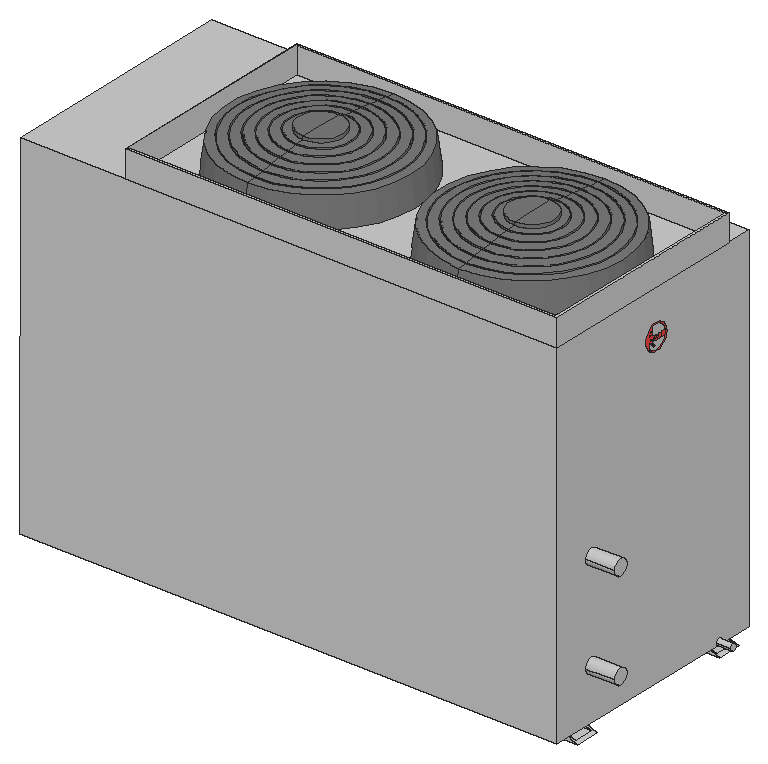
Revit family "Heat-Pump-Rheem-A2W-40kW-Vertical", category Mechanical Equipment, Revit 2023
Family settings
  Round Connector Dimension = Use Radius
  Part Type = Normal
  OmniClass Number = 23.75.10.21
  OmniClass Title = Heat Pumps
  Work Plane-Based = No
  Always vertical = Yes
  Cut with Voids When Loaded = No
  Maintain Annotation Orientation = No
  Shared = No
  Room Calculation Point = No
Parameters (values of type "95204000")
  calcFanGuardDepth = 136 mm  # constant formula
  Width_ANZRS = 807 mm  # constant formula
  Wattage_ANZRS = 40 kW  # constant formula
  Voltage_ANZRS = 230 V
  URL = "https://www.rheem.com.au/products/commercial/commercial-heat-pumps"
  Type Comments = ""
  SupportInsetSide = 66 mm  # constant formula
  Show Fan Frame = yes
  ProductCode_ANZRS = "95204000"
  PowerFactor_ANZRS = 1
  PipeInsetSide = 145 mm  # constant formula
  OutletPipeDiameter = 50 mm  # constant formula
  calcOutletPipeRad = if(1 = 1, OutletPipeDiameter / 2, 0 mm)  # 25 mm
  Model = "Rheem Commercial Air to Water Heat Pump – 40kW Vertical Discharge & Ducted"
  Material_ANZRS = Rheem-Steel-Grey
  Manufacturer = "Rheem"  # constant formula
  Length_ANZRS = 1805 mm  # constant formula
  InletPipeDiameter = 50 mm  # constant formula
  calcInletPipeRadius = if(1 = 1, InletPipeDiameter / 2, 0 mm)  # 25 mm
  Height_ANZRS = 1378 mm  # constant formula
  Description = "Rheem's Commercial Air to Water (A2W) Heat Pump is designed with the commercial user in mind. A truly commercial grade heat pump that delivers hot water at 65°C with a system Coefficient of Performance (COP) up to 4.0. Ducted models are designed to be connected to ducting to convey cold discharge air away from the heat pump air inlet if a sufficient supply of heat energy is not available in the installation area."
  Default Elevation = 0 mm
  CreatedBy_ANZRS = "Design Content"  # constant formula
  CreatedByURL_ANZRS = "https://www.designcontent.com.au/"
  BodyWidth = 807 mm  # constant formula
  Assembly Code = ""
  ApparentLoad_ANZRS = Wattage_ANZRS  # 40 kW
Types (2, lengths in mm): name | Show Fan Frame | ProductCode_ANZRS | Model | Description
  95204000 | yes | "95204000" | "Rheem Commercial Air to Water Heat Pump – 40kW Vertical Discharge & Ducted" | "Rheem's Commercial Air to Water (A2W) Heat Pump is designed with the commercial user in mind. A truly commercial grade heat pump that delivers hot water at 65°C with a system Coefficient of Performance (COP) up to 4.0. Ducted models are designed to be connected to ducting to convey cold discharge air away from the heat pump air inlet if a sufficient supply of heat energy is not available in the installation area."
  95304000 | no | "95304000" | "Rheem Commercial Air to Water Heat Pump – 40kW Vertical Discharge & Non Ducted" | "Rheem's Commercial Air to Water (A2W) Heat Pump is designed with the commercial user in mind. A truly commercial grade heat pump that delivers hot water at 65°C with a system Coefficient of Performance (COP) up to 4.0. Non ducted models are generally designed for outdoor installations. Non ducted models may be installed indoors, without ducting, if a sufficient supply of heat energy is available."
Reference planes
  plane 1 "Center (Front/Back)": y = 0
  plane 2: z = 0
  plane 3 "Center (Left/Right)": x = 0
  plane 4 "Back": y = 403.5
  plane 5 "Front": y = -403.5
  plane 6 "Left": x = -902.5
  plane 7 "Right": x = 902.5
  plane 8: z = 47
  plane 9 "HEIGHT": z = 1242
  plane 10 "Inlet": z = 222.5
  plane 11 "Outlet": z = 551.5
  plane 12: y = 401.5
  plane 13: x = 846.5
  plane 14: x = -787.5
  plane 15: x = 1002.5
  plane 16 "Pipe Connectors": y = -258.5
  plane 17: y = -337.5
  plane 18: y = 337.5
  plane 19 "CompAccess1": y = 227.5
  plane 20 "CompAccess2": y = -330.5
  plane 21: z = 23.5
  plane 22: x = 952.5
  plane 23: z = 1333
  plane 24: x = 922.5
Forms (mm)
  Extrusion 1, solid, material "Rheem-Steel-Grey" <- "Material_ANZRS", detail levels medium+fine
    sketch origin (0, 0, 0) x (1, 0, 0) y (0, 1, 0)
      loop
        line (-902.5, 401.5) -> (-902.5, -403.5) -> (902.5, -403.5) -> (902.5, 401.5) -> (-902.5, 401.5)
    from 47 to 1242
  Extrusion 2, solid, material "Rheem-Steel-Grey" <- "Material_ANZRS", detail levels medium+fine
    sketch origin (0, 0, 0) x (1, 0, 0) y (0, 0, 1)
      loop
        line (-902.5, 1242) -> (-902.5, 47) -> (-14.281, 47) -> (902.5, 47) -> (902.5, 1242) -> (-902.5, 1242)
      loop
        line (-787.5, 67) -> (19.5, 67) -> (19.5, 611) -> (-787.5, 611) -> (-787.5, 67)
      loop
        line (-787.5, 1222) -> (-787.5, 631) -> (19.5, 631) -> (19.5, 1222) -> (-787.5, 1222)
      loop
        line (846.5, 1222) -> (39.5, 1222) -> (39.5, 631) -> (846.5, 631) -> (846.5, 1222)
      loop
        line (39.5, 67) -> (846.5, 67) -> (846.5, 611) -> (39.5, 611) -> (39.5, 67)
    from -403.5 to -401.5
  Extrusion 3, solid, material "Rheem-Steel-Grey" <- "Material_ANZRS"
    sketch origin (0, 111.908, 381.979) x (0, -1, 0) y (0, 0, 1)
      loop
        circle (370.408, -159.479) r 25
      loop
        circle (370.408, 169.521) r 25
    from -902.5 to -1002.5
  Extrusion 4, solid, material "Rheem-Steel-Grey" <- "Material_ANZRS", visible <- "Show Fan Frame"
    sketch origin (0, -1983.5, 1375) x (-1, 0, 0) y (0, -1, 0)
      loop
        line (548.5, -2303) -> (548.5, -1580) -> (-902.5, -1580) -> (-902.5, -2303) -> (548.5, -2303)
      loop
        line (545.5, -2298) -> (545.5, -1585) -> (-897.5, -1585) -> (-897.5, -2298) -> (545.5, -2298)
    from -133 to -42
  Extrusion 5, solid, material "Rheem-Steel-Grey" <- "Material_ANZRS", detail levels medium+fine
    sketch origin (0, 0, 0) x (1, 0, 0) y (0, 0, 1)
      loop
        line (-902.5, 5) -> (-927.5, 5) -> (-927.5, 0) -> (-897.5, 0) -> (-897.5, 18.5) -> (-827.5, 18.5) -> (-827.5, 0) -> (-797.5, 0) -> (-797.5, 5) -> (-822.5, 5) -> (-822.5, 23.5) -> (-902.5, 23.5) -> (-902.5, 5)
    from -337.5 to 337.5
  Extrusion 6, solid, material "Rheem-Steel-Grey-Perforated", detail levels medium+fine
    sketch origin (-575, 357.5, 0) x (1, 0, 0) y (0, 0, -1)
      loop
        line (1421.5, -1222) -> (1421.5, -631) -> (614.5, -631) -> (614.5, -1222) -> (1421.5, -1222)
      loop
        line (1421.5, -67) -> (614.5, -67) -> (614.5, -611) -> (1421.5, -611) -> (1421.5, -67)
      loop
        line (-212.5, -611) -> (594.5, -611) -> (594.5, -67) -> (-212.5, -67) -> (-212.5, -611)
      loop
        line (594.5, -1222) -> (594.5, -631) -> (-212.5, -631) -> (-212.5, -1222) -> (594.5, -1222)
    from 44 to 46
  Extrusion 7, solid, material "Rheem-Steel-Grey" <- "Material_ANZRS"
    sketch origin (902.5, 0, 0) x (0, -1, 0) y (0, 0, -1)
      loop
        circle (-277.5, -57) r 10
    from 0 to 50
  Extrusion 8, solid, detail levels medium+fine
    sketch origin (-902.5, 0, 425) x (0, -1, 0) y (0, 0, 1)
      loop
        circle (367, 725) r 15
      loop
        circle (367.008, 675) r 15
      loop
        circle (367.008, 625) r 15
      loop
        circle (367.008, 575) r 15
    from 0 to 5
  Extrusion 9, solid, material "Rheem-Steel-Grey" <- "Material_ANZRS", detail levels coarse
    sketch origin (0, 0, 1242) x (-1, 0, 0) y (0, -1, 0)
      loop
        line (902.5, -403.5) -> (902.5, 403.5) -> (-902.5, 403.5) -> (-902.5, -403.5) -> (902.5, -403.5)
    from -1242 to 0
  Extrusion 10, solid, material "Rheem-Steel-Grey" <- "Material_ANZRS", detail levels medium+fine
    sketch origin (0, 0, 0) x (0, 1, 0) y (0, 0, 1)
      loop
        line (362.5, 47) -> (332.5, 47) -> (332.5, 28.5) -> (262.481, 28.5) -> (262.481, 47) -> (232.395, 47) -> (232.395, 42) -> (257.395, 42) -> (257.395, 23.5) -> (337.5, 23.5) -> (337.5, 42) -> (362.5, 42) -> (362.5, 47)
      loop
        line (-232.395, 47) -> (-262.395, 47) -> (-262.395, 28.5) -> (-332.414, 28.5) -> (-332.414, 47) -> (-362.5, 47) -> (-362.5, 42) -> (-337.5, 42) -> (-337.5, 23.5) -> (-257.395, 23.5) -> (-257.395, 42) -> (-232.395, 42) -> (-232.395, 47)
    from -902.5 to 922.5
  Extrusion 11, void
    sketch origin (0, 0, 0) x (-1, 0, 0) y (0, 0, -1)
      loop
        line (-922.5, -23.5) -> (-922.5, -47) -> (-859.96, -47) -> (-922.5, -23.5)
    from -362.5 to 362.5
Cuts and joins
  Extrusion 11 cuts Extrusion 1
  Extrusion 11 cuts Extrusion 2
  joined: Extrusion 1, Extrusion 2
  Extrusion 11 cuts Extrusion 9
  Extrusion 11 cuts Extrusion 10
Lines and regions (mm)
  Split face 1
    outline origin (-902.5, 401.5, 1242) x (0, 1, 0) y (0, 0, -1)
      loop
        line (-174, 1) -> (-174, 1194) -> (-732, 1194) -> (-732, 1) -> (-174, 1)
  Split face 2
    outline origin (902.5, 401.5, 47) x (0, 1, 0) y (0, 0, 1)
      loop
        line (-601, 1194) -> (-601, 1) -> (-173, 1) -> (-173, 1194) -> (-601, 1194)
  model lines, style "Heat Pumps", detail levels medium+fine
    curve 1: line (-722.5, -403.5, 1105.005) -> (722.5, -403.5, 1105.005)
    curve 2: line (-802.5, -403.5, 825.005) -> (-802.5, -403.5, 1025.005)
    curve 3: line (722.5, -403.5, 745.005) -> (-722.5, -403.5, 745.005)
    curve 4: line (802.5, -403.5, 1025.005) -> (802.5, -403.5, 825.005)
    curve 5: arc (-722.5, -403.5, 1105.005) -> (-779.069, -403.5, 1081.573) -> (-802.5, -403.5, 1025.005) r 80
    curve 6: arc (-802.5, -403.5, 825.005) -> (-779.069, -403.5, 768.436) -> (-722.5, -403.5, 745.005) r 80
    curve 7: arc (722.5, -403.5, 745.005) -> (779.069, -403.5, 768.436) -> (802.5, -403.5, 825.005) r 80
    curve 8: arc (802.5, -403.5, 1025.005) -> (779.069, -403.5, 1081.573) -> (722.5, -403.5, 1105.005) r 80
    curve 9: line (-722.5, -403.5, 183.995) -> (722.5, -403.5, 183.995)
    curve 10: line (-802.5, -403.5, 463.995) -> (-802.5, -403.5, 263.995)
    curve 11: line (722.5, -403.5, 543.995) -> (-722.5, -403.5, 543.995)
    curve 12: line (802.5, -403.5, 263.995) -> (802.5, -403.5, 463.995)
    curve 13: arc (-722.5, -403.5, 183.995) -> (-779.069, -403.5, 207.427) -> (-802.5, -403.5, 263.995) r 80
    curve 14: arc (-802.5, -403.5, 463.995) -> (-779.069, -403.5, 520.564) -> (-722.5, -403.5, 543.995) r 80
    curve 15: arc (722.5, -403.5, 543.995) -> (779.069, -403.5, 520.564) -> (802.5, -403.5, 463.995) r 80
    curve 16: arc (802.5, -403.5, 263.995) -> (779.069, -403.5, 207.427) -> (722.5, -403.5, 183.995) r 80
Dimensions and locks
  equal spacing: plane 6 "Left", plane 3 "Center (Left/Right)", plane 7 "Right"
  equal spacing: plane 4 "Back", plane 1 "Center (Front/Back)", plane 5 "Front"
  "BodyWidth": plane 4 "Back" to plane 5 "Front"
  "Length_ANZRS": plane 6 "Left" to plane 7 "Right"
  locked: plane 10 "Inlet" to plane 21 at 199
  locked: plane 11 "Outlet" to plane 10 "Inlet" at 329
  locked: plane 4 "Back" to plane 12 at 2
  locked: plane 8 to Extrusion 2 sketch curve at 20
  locked: Extrusion 2 sketch curve to plane 9 "HEIGHT" at 20
  locked: plane 15 to plane 7 "Right" at 100
  locked: Extrusion 4 sketch curve to Extrusion 4 sketch curve at 5  (x2)
  locked: plane 7 "Right" to Extrusion 4 sketch curve at 5
  "PipeInsetSide": plane 5 "Front" to plane 16 "Pipe Connectors"
  Extrusion 5 sketch curve to plane 6 "Left" to Extrusion 5 sketch curve to Extrusion 5 sketch curve to Extrusion 5 sketch curve to Extrusion 5 sketch curve = 25 mm locked, 5 mm locked, 70 mm locked, 5 mm locked, 25 mm locked
  Extrusion 5 sketch curve to Extrusion 5 sketch curve to plane 2 = 0 mm locked, 5 mm locked
  "SupportInsetSide": plane 5 "Front" to plane 17
  "SupportInsetSide": plane 18 to plane 4 "Back"
  locked: plane 9 "HEIGHT" to Split face 1 sketch curve at 1
  locked: Split face 1 sketch curve to plane 8 at 1
  locked: plane 13 to plane 7 "Right" at 56
  locked: plane 6 "Left" to plane 14 at 115
  locked: plane 9 "HEIGHT" to plane 8 at 1195
  equal spacing: plane 8, plane 21, plane 2
  locked: plane 21 to Extrusion 5 sketch curve at 5
  locked: plane 5 "Front" to Split face 2 sketch curve at 204
  Split face 2 sketch curve to plane 4 "Back" = 175 mm
  locked: plane 9 "HEIGHT" to Split face 2 sketch curve at 1
  locked: Split face 2 sketch curve to plane 8 at 1
  locked: Extrusion 7 sketch curve to plane 8 at 10
  equal spacing: plane 15, plane 22, plane 7 "Right"
  equal spacing: plane 20 "CompAccess2", Extrusion 8 sketch curve, plane 5 "Front"
  locked: plane 9 "HEIGHT" to nested 1 at 150
  locked: plane 8 to Extrusion 10 sketch curve at 5  (x2)
  locked: Extrusion 10 sketch curve to plane 21 at 5  (x2)
  Extrusion 10 sketch curve to plane 18 to Extrusion 10 sketch curve to Extrusion 10 sketch curve to Extrusion 10 sketch curve to Extrusion 10 sketch curve = 25 mm locked, 5 mm locked, 70.019 mm locked, 5.086 mm locked, 25 mm locked
  locked: plane 6 "Left" to plane 24 at 1825
  locked: plane 4 "Back" to Extrusion 7 sketch curve at 126
  locked: plane 20 "CompAccess2" to plane 5 "Front" at 73
  locked: plane 19 "CompAccess1" to plane 20 "CompAccess2" at 558
  equal spacing: plane 19 "CompAccess1", nested 1, plane 20 "CompAccess2"
  Extrusion 10 sketch curve to Extrusion 10 sketch curve to Extrusion 10 sketch curve to Extrusion 10 sketch curve to Extrusion 10 sketch curve to Extrusion 10 sketch curve = 25 mm locked, 5 mm locked, 70.019 mm locked, 5.086 mm locked, 25 mm locked
  locked: Extrusion 4 sketch curve to Extrusion 4 sketch curve at 723
  plane 9 "HEIGHT" to nested 2 = 150 mm
  equal spacing: Split face 2, nested 2, Split face 2
  locked: plane 8 to plane 2 at 47
  locked: plane 23 to plane 9 "HEIGHT" at 91
  locked: Extrusion 4 sketch curve to plane 7 "Right" at 1451
  plane 7 "Right" to nested 4 to nested 3 = 358 mm locked, 720 mm locked
  "calcOutletPipeRad": radius of Extrusion 3 sketch curve
  "calcInletPipeRadius": radius of Extrusion 3 sketch curve
  radius of Extrusion 7 sketch curve = 10 mm
  aligned and locked: level to plane 2
  aligned and locked: Extrusion 1 sketch curve to plane 6 "Left"
  aligned and locked: Extrusion 1 sketch curve to plane 7 "Right"
  aligned and locked: plane 9 "HEIGHT" to Extrusion 1
  aligned and locked: Extrusion 1 to plane 8
  aligned and locked: plane 5 "Front" to Extrusion 1
  aligned and locked: Extrusion 1 sketch curve to plane 12
  aligned and locked: cut or joined group of Extrusion 1, Extrusion 2, Extrusion 11 to plane 12
  aligned and locked: plane 4 "Back" to cut or joined group of Extrusion 1, Extrusion 2, Extrusion 11
  aligned and locked: Extrusion 2 sketch curve to plane 13
  aligned and locked: plane 14 to Extrusion 2 sketch curve
  aligned and locked: plane 7 "Right" to Extrusion 4 sketch curve
  aligned and locked: Extrusion 3 to plane 7 "Right"
  aligned and locked: Extrusion 5 sketch curve to plane 6 "Left"
  aligned and locked: plane 2 to Extrusion 5 sketch curve  (x2)
  aligned and locked: Extrusion 5 to plane 17
  aligned and locked: plane 18 to Extrusion 5
  aligned and locked: Split face 1 sketch curve to plane 20 "CompAccess2"
  aligned and locked: Split face 1 sketch curve to plane 19 "CompAccess1"
  aligned and locked: plane 11 "Outlet" to Extrusion 3 sketch curve
  aligned and locked: plane 16 "Pipe Connectors" to Extrusion 3 sketch curve  (x2)
  aligned and locked: plane 10 "Inlet" to Extrusion 3 sketch curve
  aligned and locked: Extrusion 6 to plane 13
  aligned and locked: plane 14 to Extrusion 6
  aligned and locked: Extrusion 6 to plane 12
  aligned and locked: plane 4 "Back" to Extrusion 6
  aligned and locked: cut or joined group of Extrusion 1, Extrusion 2, Extrusion 11 to Extrusion 6
  aligned and locked: Extrusion 5 sketch curve to plane 21
  aligned and locked: Extrusion 7 to cut or joined group of Extrusion 1, Extrusion 2, Extrusion 11
  aligned and locked: plane 22 to Extrusion 7
  aligned and locked: Extrusion 8 to cut or joined group of Extrusion 1, Extrusion 2, Extrusion 11
  aligned and locked: Extrusion 9 sketch curve to plane 4 "Back"
  aligned and locked: Extrusion 9 sketch curve to plane 5 "Front"
  aligned and locked: Extrusion 9 sketch curve to plane 7 "Right"
  aligned and locked: Extrusion 9 sketch curve to plane 6 "Left"
  aligned and locked: Extrusion 9 to plane 2
  aligned and locked: Extrusion 10 sketch curve to plane 21  (x2)
  aligned and locked: plane 6 "Left" to Extrusion 10
  aligned and locked: Extrusion 2 sketch curve to Extrusion 6  (x2)
  aligned and locked: plane 15 to Extrusion 3
  aligned and locked: Extrusion 11 sketch curve to plane 24
  aligned and locked: Extrusion 4 to plane 9 "HEIGHT"
  aligned and locked: plane 23 to Extrusion 4
  aligned and locked: plane 9 "HEIGHT" to cut or joined group of Extrusion 9, Extrusion 11
Automatic sketch dimensions
  plane 5 "Front" to Extrusion 1 sketch curve = 0 mm
  plane 6 "Left" to Extrusion 2 sketch curve = 0 mm
  plane 14 to Extrusion 2 sketch curve = 0 mm
  Extrusion 2 sketch curve to plane 8 = 0 mm
  plane 13 to Extrusion 2 sketch curve = 0 mm
  Extrusion 2 sketch curve to plane 7 "Right" = 0 mm
  Extrusion 2 sketch curve to plane 9 "HEIGHT" = 0 mm
  Extrusion 2 sketch curve to plane 3 "Center (Left/Right)" = 14.281 mm
  plane 3 "Center (Left/Right)" to Extrusion 2 sketch curve = 19.5 mm
  Extrusion 2 sketch curve to Extrusion 2 sketch curve = 20 mm  (x2)
  plane 8 to Extrusion 2 sketch curve = 20 mm
  plane 11 "Outlet" to Extrusion 2 sketch curve = 59.5 mm  (x2)
  Extrusion 2 sketch curve to Extrusion 2 sketch curve = 0 mm
  Extrusion 2 sketch curve to plane 9 "HEIGHT" = 20 mm
  plane 5 "Front" to Extrusion 4 sketch curve = 0 mm
  Extrusion 4 sketch curve to Extrusion 4 sketch curve = 3 mm
  plane 14 to Extrusion 6 sketch curve = 0 mm  (x2)
  plane 13 to Extrusion 6 sketch curve = 0 mm  (x2)
  plane 3 "Center (Left/Right)" to Extrusion 6 sketch curve = 19.5 mm  (x2)
  Extrusion 6 sketch curve to Extrusion 6 sketch curve = 20 mm  (x3)
  Extrusion 6 sketch curve to plane 9 "HEIGHT" = 20 mm  (x2)
  plane 11 "Outlet" to Extrusion 6 sketch curve = 79.5 mm  (x2)
  Extrusion 6 sketch curve to Extrusion 6 sketch curve = 0 mm  (x2)
  plane 8 to Extrusion 6 sketch curve = 20 mm
  Extrusion 8 sketch curve to plane 17 = 29.508 mm  (x3)
  Extrusion 8 sketch curve to plane 9 "HEIGHT" = 242 mm
  Extrusion 8 sketch curve to Extrusion 8 sketch curve = 50 mm  (x3)
  Extrusion 10 sketch curve to plane 8 = 0 mm  (x4)
  Extrusion 10 sketch curve to plane 17 = 0 mm
  Extrusion 10 sketch curve to plane 18 = 0 mm
  Extrusion 10 sketch curve to plane 8 = 5 mm  (x2)
  Extrusion 11 sketch curve to plane 8 = 0 mm
  Extrusion 11 sketch curve to plane 21 = 0 mm
  Extrusion 11 sketch curve to plane 13 = 13.46 mm
  curve 12 to Extrusion 1 = 100 mm
  curve 4 to Extrusion 1 = 100 mm
  curve 12 to curve 11 = 80 mm
  curve 4 to curve 3 = 80 mm
  curve 12 to curve 16 = 80 mm
  curve 4 to curve 1 = 80 mm
  Extrusion 1 to curve 9 = 180 mm
  Extrusion 1 to curve 6 = 180 mm
  Extrusion 1 to curve 5 = 180 mm
  Extrusion 1 to curve 11 = 180 mm
  curve 13 to curve 10 = 80 mm
  curve 5 to curve 2 = 80 mm
  Extrusion 1 to curve 1 = 136.995 mm
  curve 5 to curve 6 = 200 mm
  curve 6 to curve 11 = 201.009 mm
  Extrusion 1 to curve 13 = 216.995 mm
  radius of Extrusion 8 sketch curve = 15 mm  (x4)
Nested families
  nested 1: "X_Rheem Logo" at (-902.5, -51.5, 1092) x (0, -1, 0) z (-1, 0, 0), type "Standard", detail levels fine
  nested 2: "X_Rheem Logo" at (902.5, 14.5, 1092) x (0, 1, 0) z (1, 0, 0), type "Standard", detail levels fine
  nested 3: "X_Rheem_FanGuard" at (-175.5, -47.605, 1242), type "Standard"
    with FanGuardRad 320 mm, FanGuardHead 10 mm, FanGuardDepth 136 mm
  nested 4: "X_Rheem_FanGuard" at (544.5, -58.5, 1242), type "Standard"
    with FanGuardRad 320 mm, FanGuardHead 10 mm, FanGuardDepth 136 mm
Connectors
  piping at (1002.5, -258.5, 222.5), diameter 50, driven by "calcInletPipeRadius"
    settings: on Extrusion 3, index 9, connector inside diameter 20 mm, connector length 0 mm, flow factor 0, pipe flow 0.0 L/s, pressure drop 0.0 Pa, fitting loss kfactor 0, connector angle 0.00°, fixture units 0, engagement length 0 mm, angle of deflection 0.00°, flow configuration 1, flow direction 1, fitting loss method 0, system type 20, joint type 0, gender type 0, connector reference index -1, connector utility 0, adjustable connector no, is connector primary yes, connector description "Water In"
  piping at (1002.5, -258.5, 222.5), diameter 50, driven by "calcOutletPipeRad"
    settings: on Extrusion 3, index 10, connector inside diameter 20 mm, connector length 0 mm, flow factor 0, pipe flow 0.0 L/s, pressure drop 0.0 Pa, fitting loss kfactor 0, connector angle 0.00°, fixture units 0, engagement length 0 mm, angle of deflection 0.00°, flow configuration 1, flow direction 1, fitting loss method 0, system type 20, joint type 0, gender type 0, connector reference index -1, connector utility 0, adjustable connector no, is connector primary no, connector description "Water In"
  piping at (952.5, 277.5, 57), diameter 20
    settings: on Extrusion 7, index 11, connector inside diameter 609.6 mm, connector length 0 mm, flow factor 0, pipe flow 0.0 L/s, pressure drop 0.0 Pa, fitting loss kfactor 0, connector angle 0.00°, fixture units 0, engagement length 0 mm, angle of deflection 0.00°, flow configuration 1, flow direction 2, fitting loss method 0, system type 16, joint type 0, gender type 0, connector reference index -1, connector utility 0, adjustable connector no, is connector primary no, connector description ""
  electrical at (-902.5, -367, 1150), driven by "Voltage_ANZRS", driven by "ApparentLoad_ANZRS", driven by "PowerFactor_ANZRS"
    settings: on Extrusion 8, index 12, voltage 230 V, apparent load 40 kW, apparent load phase1 0 kW, apparent load phase2 0 kW, apparent load phase3 0 kW, power factor 1, load classification "Power", number of poles 1, system type 30, power factor state 1, is connector primary yes, connector utility no, sub classification motor no, connector description ""
  electrical at (-902.5, -367.008, 1100), driven by "Voltage_ANZRS", driven by "ApparentLoad_ANZRS", driven by "PowerFactor_ANZRS"
    settings: on Extrusion 8, index 13, voltage 230 V, apparent load 40 kW, apparent load phase1 0 kW, apparent load phase2 0 kW, apparent load phase3 0 kW, power factor 1, load classification "Power", number of poles 1, system type 30, power factor state 1, is connector primary no, connector utility no, sub classification motor no, connector description ""
  electrical at (-902.5, -367.008, 1050), driven by "Voltage_ANZRS", driven by "ApparentLoad_ANZRS", driven by "PowerFactor_ANZRS"
    settings: on Extrusion 8, index 14, voltage 230 V, apparent load 40 kW, apparent load phase1 0 kW, apparent load phase2 0 kW, apparent load phase3 0 kW, power factor 1, load classification "Power", number of poles 1, system type 30, power factor state 1, is connector primary no, connector utility no, sub classification motor no, connector description ""
  electrical at (-902.5, -367.008, 1000), driven by "Voltage_ANZRS", driven by "ApparentLoad_ANZRS", driven by "PowerFactor_ANZRS"
    settings: on Extrusion 8, index 15, voltage 230 V, apparent load 40 kW, apparent load phase1 0 kW, apparent load phase2 0 kW, apparent load phase3 0 kW, power factor 1, load classification "Power", number of poles 1, system type 30, power factor state 1, is connector primary no, connector utility no, sub classification motor no, connector description ""
  piping at (1002.5, -258.5, 551.5), diameter 50, driven by "calcInletPipeRadius"
    settings: on Extrusion 3, index 16, connector inside diameter 609.6 mm, connector length 0 mm, flow factor 0, pipe flow 0.0 L/s, pressure drop 0.0 Pa, fitting loss kfactor 0, connector angle 0.00°, fixture units 0, engagement length 0 mm, angle of deflection 0.00°, flow configuration 1, flow direction 2, fitting loss method 0, system type 19, joint type 0, gender type 0, connector reference index -1, connector utility 0, adjustable connector no, is connector primary no, connector description "Water Out"
Definition of nested family "X_Rheem Logo"
  Parameters (values of type "Standard")
    Default Elevation = 1219.2 mm
    Assembly Code = ""
  Reference planes
    plane 1 "Center (Front/Back)": y = 0
    plane 2: z = 0
    plane 3 "Center (Left/Right)": x = 0
  Forms (mm)
    Extrusion 1, solid
      sketch origin (0, 0, 0) x (1, 0, 0) y (0, 1, 0)
        loop
          line (-1219.2, 1219.2) -> (-1219.2, -1219.2) -> (1219.2, -1219.2) -> (1219.2, 1219.2) -> (-1219.2, 1219.2)
      from 0 to -304.8
    Extrusion 2, solid
      sketch origin (0, 0, 0) x (1, 0, 0) y (0, 1, 0)
        loop
          arc (-33.529, -21.813) -> (38.36, -11.338) -> (-16.283, 36.536) r 40
          line (-16.283, 36.536) -> (-16.283, 5.397)
          arc (-16.283, 5.397) -> (-14.75, 6.901) -> (-12.662, 7.405) r 4.033
          arc (-12.662, 7.405) -> (-9.852, 6.403) -> (-8.561, 3.712) r 3.918
          line (-8.561, 3.712) -> (-8.561, -8.033) -> (-11.525, -8.033) -> (-11.525, 1.806)
          arc (-11.525, 1.806) -> (-12.858, 4.057) -> (-15.428, 3.572) r 2.279
          arc (-15.428, 3.572) -> (-15.988, 2.759) -> (-16.246, 1.806) r 2.925
          line (-16.246, 1.806) -> (-16.246, -8.079) -> (-19.645, -8.079) -> (-19.645, 34.843)
          arc (-19.645, 34.843) -> (-26.644, 29.834) -> (-32.41, 23.444) r 40
          arc (-32.41, 23.444) -> (-21.103, 13.87) -> (-28.782, 1.2) r 11.411
          line (-28.782, 1.2) -> (-7.321, -24.919) -> (-11.462, -24.919) -> (-31.83, -0.131) -> (-31.83, -21.813) -> (-33.529, -21.813)
        loop
          line (-35.017, -19.335) -> (-35.017, 19.335)
          arc (-35.017, 19.335) -> (-40, 0) -> (-35.017, -19.335) r 40
        loop
          line (19.37, -8.097) -> (22.563, -8.097) -> (22.563, 2.258)
          spline (22.563, 2.258) -> (22.878, 3.103) -> (23.24, 3.526) -> (23.639, 3.818) -> (24.082, 3.997) -> (24.556, 4.074) -> (25.034, 4.068) -> (25.491, 3.983) -> (25.903, 3.817) -> (26.238, 3.56) -> (26.492, 3.191) -> (26.717, 2.639) -> (26.9, 1.6)
          line (26.9, 1.6) -> (26.9, -8.097) -> (29.854, -8.097) -> (29.854, 2.258)
          spline (29.854, 2.258) -> (30.181, 3.064) -> (30.553, 3.474) -> (30.969, 3.74) -> (31.419, 3.936) -> (31.889, 4.059) -> (32.364, 4.078) -> (32.821, 3.995) -> (33.233, 3.826) -> (33.568, 3.567) -> (33.822, 3.195) -> (34.048, 2.639) -> (34.231, 1.594)
          line (34.231, 1.594) -> (34.231, -8.097) -> (37.174, -8.097) -> (37.174, 3.718)
          spline (37.174, 3.718) -> (36.65, 5.383) -> (35.957, 6.159) -> (35.415, 6.563) -> (34.941, 6.826) -> (34.394, 7.032) -> (33.695, 7.17) -> (32.91, 7.2) -> (32.152, 7.119) -> (31.53, 6.952) -> (31.006, 6.67) -> (30.429, 6.179) -> (29.566, 5.166)
          spline (29.566, 5.166) -> (28.777, 6.078) -> (28.276, 6.494) -> (27.782, 6.788) -> (27.231, 7.014) -> (26.621, 7.177) -> (26.085, 7.261) -> (25.622, 7.26) -> (25.015, 7.185) -> (24.376, 7.012) -> (23.849, 6.722) -> (23.308, 6.304) -> (22.552, 5.275)
          line (22.552, 5.275) -> (22.552, 6.926) -> (19.37, 6.926) -> (19.37, -8.097)
        loop
          line (-4.051, 1.414) -> (2.029, 1.414)
          spline (2.029, 1.414) -> (1.473, 2.786) -> (1.087, 3.377) -> (0.673, 3.834) -> (0.205, 4.224) -> (-0.271, 4.485) -> (-0.868, 4.588) -> (-1.527, 4.548) -> (-2.06, 4.356) -> (-2.438, 4.033) -> (-2.865, 3.608) -> (-3.384, 2.906) -> (-4.051, 1.414)
        loop
          line (-4.095, -1.507) -> (5.029, -1.507)
          spline (5.029, -1.507) -> (4.769, 1.886) -> (4.1, 3.692) -> (3.083, 5.302) -> (1.664, 6.502) -> (-0.127, 7.316) -> (-1.72, 7.317) -> (-3.497, 6.614) -> (-4.898, 5.44) -> (-6.016, 3.817) -> (-6.693, 1.944) -> (-6.954, 0.058) -> (-6.657, -3.194)
          spline (-6.657, -3.194) -> (-5.711, -5.424) -> (-4.777, -6.63) -> (-3.808, -7.465) -> (-2.878, -7.994) -> (-1.873, -8.306) -> (-0.773, -8.411) -> (0.288, -8.278) -> (1.264, -7.907) -> (2.23, -7.346) -> (3.148, -6.594) -> (4.02, -5.578) -> (4.876, -3.596)
          line (4.876, -3.596) -> (1.705, -3.596)
          spline (1.705, -3.596) -> (0.883, -4.78) -> (0.307, -5.189) -> (-0.248, -5.429) -> (-0.802, -5.54) -> (-1.305, -5.525) -> (-1.909, -5.294) -> (-2.514, -4.923) -> (-2.921, -4.547) -> (-3.253, -4.098) -> (-3.591, -3.486) -> (-3.885, -2.641) -> (-4.095, -1.507)
        loop
          line (8.984, 1.152) -> (15.064, 1.152)
          spline (15.064, 1.152) -> (14.509, 2.524) -> (14.123, 3.116) -> (13.708, 3.573) -> (13.241, 3.962) -> (12.764, 4.224) -> (12.168, 4.327) -> (11.508, 4.287) -> (10.975, 4.095) -> (10.598, 3.771) -> (10.171, 3.347) -> (9.652, 2.645) -> (8.984, 1.152)
        loop
          line (8.973, -1.54) -> (18.097, -1.54)
          spline (18.097, -1.54) -> (17.837, 1.853) -> (17.168, 3.659) -> (16.151, 5.269) -> (14.732, 6.469) -> (12.941, 7.283) -> (11.348, 7.285) -> (9.571, 6.581) -> (8.17, 5.407) -> (7.052, 3.785) -> (6.375, 1.911) -> (6.114, 0.026) -> (6.412, -3.226)
          spline (6.412, -3.226) -> (7.357, -5.456) -> (8.291, -6.663) -> (9.26, -7.498) -> (10.191, -8.027) -> (11.195, -8.339) -> (12.295, -8.444) -> (13.356, -8.311) -> (14.332, -7.939) -> (15.298, -7.379) -> (16.217, -6.626) -> (17.088, -5.61) -> (17.944, -3.629)
          line (17.944, -3.629) -> (14.773, -3.629)
          spline (14.773, -3.629) -> (13.951, -4.813) -> (13.375, -5.222) -> (12.82, -5.462) -> (12.266, -5.573) -> (11.763, -5.557) -> (11.159, -5.326) -> (10.555, -4.955) -> (10.147, -4.58) -> (9.816, -4.131) -> (9.477, -3.519) -> (9.183, -2.673) -> (8.973, -1.54)
        loop
          circle (0, 0) r 43
        loop
          arc (-31.817, 3.841) -> (-24.154, 12.033) -> (-31.817, 20.226) r 8.211
          line (-31.817, 20.226) -> (-31.817, 3.841)
      from 0 to 1
  Dimensions and locks
    aligned and locked: plane 2 to Extrusion 1
    aligned and locked: level to Extrusion 1
Definition of nested family "X_Rheem_FanGuard"
  Parameters (values of type "Standard")
    Material = none
    FanGuardRad = 240 mm
    FanGuardHead = 8 mm
    FanGuardDepth = 116 mm
    Default Elevation = 1219.2 mm
  Reference planes
    plane 1 "Center (Front/Back)": y = 0
    plane 2: z = 0
    plane 3 "Center (Left/Right)": x = 0
    plane 4: z = 116
    plane 5: z = 108
    plane 6: y = 240
    plane 7: z = 58
    plane 8: z = 83
  Forms (mm)
    Extrusion 1, solid
      sketch origin (0, 0, 0) x (1, 0, 0) y (0, 1, 0)
        loop
          line (-1219.2, 1219.2) -> (-1219.2, -1219.2) -> (1219.2, -1219.2) -> (1219.2, 1219.2) -> (-1219.2, 1219.2)
      from 0 to -304.8
    Revolve 2, solid, material <- "Material", detail levels fine
      sketch origin (0, 0, 0) x (0, 1, 0) y (0, 0, 1)
        loop
          line (0, 116) -> (0, 0) -> (240, 0) -> (227.216, 83) -> (75, 108) -> (75, 116) -> (0, 116)
        axis (0, 116) -> (0, 0)
      angle from 0 to 360
    Extrusion 3, void
      sketch origin (0, 0, 0) x (1, 0, 0) y (0, 1, 0)
        loop
          circle (0, 0) r 100
        loop
          circle (0, 0) r 105
        loop
          circle (0, 0) r 135
        loop
          circle (0, 0) r 140
        loop
          circle (0, 0) r 170
        loop
          circle (0, 0) r 175
        loop
          circle (0, 0) r 205
        loop
          circle (0, 0) r 210
        loop
          circle (0, 0) r 240
        loop
          circle (0, 0) r 245
        loop
          circle (0, 0) r 275
        loop
          circle (0, 0) r 280
      from 0 to 116
    Extrusion 4, solid, material <- "Material", detail levels coarse+medium
      sketch origin (0, 0, 0) x (1, 0, 0) y (0, 1, 0)
        loop
          circle (0, 0) r 240
      from 0 to 116
  Cuts and joins
    Extrusion 3 cuts Revolve 2
  Dimensions and locks
    "FanGuardRad": plane 6 to plane 1 "Center (Front/Back)"
    "FanGuardDepth": plane 4 to plane 2
    "FanGuardHead": plane 4 to plane 5
    equal spacing: plane 4, plane 7, plane 2
    equal spacing: plane 5, plane 8, plane 7
    locked: plane 6 to Revolve 2 sketch curve at 12.784
    "FanGuardRad": radius of Extrusion 4 sketch curve
    aligned and locked: plane 2 to Extrusion 1
    aligned and locked: level to Extrusion 1
    aligned and locked: Revolve 2 sketch curve to plane 1 "Center (Front/Back)"
    aligned and locked: plane 4 to Extrusion 3
    aligned and locked: Extrusion 3 to level
    aligned and locked: plane 3 "Center (Left/Right)" to Extrusion 4 sketch curve
    aligned and locked: plane 1 "Center (Front/Back)" to Extrusion 4 sketch curve
    aligned and locked: Extrusion 4 to plane 4
    aligned and locked: Extrusion 4 to level
    aligned and locked: plane 8 to Revolve 2 sketch curve
  Automatic sketch dimensions
    Extrusion 1 sketch curve to Extrusion 1 sketch curve = 2438.4 mm  (x2)
    plane 1 "Center (Front/Back)" to Extrusion 3 sketch curve = 0 mm
    Extrusion 3 sketch curve to plane 3 "Center (Left/Right)" = 0 mm
    Revolve 2 sketch curve to plane 1 "Center (Front/Back)" = 0 mm
    Revolve 2 sketch curve to plane 4 = 0 mm
    Revolve 2 sketch curve to plane 5 = 0 mm
    Revolve 2 sketch curve to level = 0 mm
    Revolve 2 sketch curve to plane 6 = 0 mm
    Revolve 2 sketch curve to Revolve 2 sketch curve = 75 mm
    Revolve 2 sketch curve to Revolve 2 sketch curve = 500 mm
    Revolve 2 sketch curve to Revolve 2 sketch curve = 100 mm
    radius of Extrusion 3 sketch curve = 100 mm
